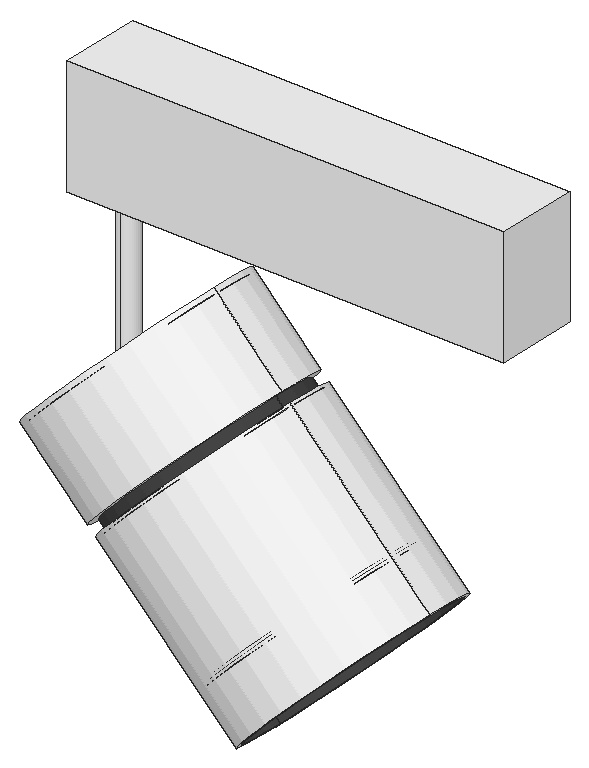
Revit family "Lighting-Track-Reggiani-Yori_95mm-22W", category Apparecchi per illuminazione, Revit 2015
Parameters (values of type "Reggiani Yori TD95 white 22 w")
  youtube = ""
  control = "Ø. = ON/OFF, D. = DALI, V. = DIMM 1-10V, T"
  Youtube clip = ""
  Weight Net (Kg) = 1.17
  Wattage = 12.8987 W
  Uniclass 2.0 Description = ""
  Uniclass 2.0 Code = ""
  Uniclass 1.4 Description = ""
  Uniclass 1.4 Code = ""
  URL to photometrics = "http://bimobject.com/en/product/downloadobjectfile?id=50cfbd51-a850-4d52-a0fa-8cde6d714954"
  UNSPSC name = "Lighting Fixtures and Accessories"
  UNSPSC Code = "3911"
  Technical description = "http://www.reggiani.net/wp-content/plugins/icon-catalog/icon-catalog-assets/1/3/gen_file_20/yori_track.pdf"
  Region South America = "None"
  Region Oceania = "None"
  Region North America = "AG, AI, AN, AW, BB, BL, BM, BQ, BS, BZ, CA, CR, CU, CW, DM, DO, GD, GL, GP, GT, HN, HT, JM, KN, KY, LC, MF, MQ, MS, MX, NI, PA, PM, PR, SV, SX, TC, TT, US, VC, VG, VI"
  Region Middle East = "None"
  Region Europe = "AD, AL, AT, AX, BA, BE, BG, BY, CH, CS, CY, CZ, DE, DK, EE, ES, FI, FO, FR, GB, GG, GI, GR, HR, HU, IE, IM, IS, IT, JE, LI, LT, LU, LV, MC, MD, ME, MK, MT, NL, NO, PL, PT, RO, RS, RU, SE, SI, SJ, SK, SM, UA, VA, XK"
  Region Asia = "None"
  Region Antarctica = "None"
  Region Africa = "None"
  QR code = "http://bimobject.com/reggiani/product/yori_track_95"
  Product group = "Yori"
  Product family = "Track fixture"
  Product data url = "http://bimobject.com/reggiani/product/yori_track_95"
  Product certification = ""
  Product SKU = "yori_track_95"
  Product Guid = "6c2995b9-41c6-4809-92bb-273245acc23c"
  Nominal width = 95
  Nominal height = 135
  NBS Reference Description = ""
  NBS Reference Code = ""
  Material secondary = "Glass"
  Material main = "Aluminium"
  Manufacturer name = "Reggiani"
  Manufacturer country = "Italy"
  Installation instructions = "http://www.reggiani.net/wp-content/plugins/icon-catalog/icon-catalog-assets/1/3/gen_file_8/yori_track.pdf"
  IFC Classification = "Light Fixture"
  Edition number = 1
  EAN code = ""
  Variazione temperatura colore lampada con luminosità attenuata = <Nessuno>
  Url Photometric = ""
  URL = "http://www.reggiani.net/en/catalog-search/?searchfor=Yori&type=product&lang=en"
  built-in parameter 1150107 = 2700 (stored number, unit not read)
  Rot Photometric [instance] = Rotation  # 45.00°
  Ring = Reggiani Nero
  Produttore = "Reggiani illuminazione spa"
  built-in parameter 1150110 = 1 (stored number, unit not read)
  built-in parameter 1150109 = 1 (stored number, unit not read)
  Design country = "Italy"
  Date of publishing = "2015-10-01"
  COBIe Type Category = ""
  built-in parameter 1114218 = 1 (stored number, unit not read)
  built-in parameter 1150112 = 1 (stored number, unit not read)
  Modello = "Reggiani Yori  TD 95 10w"
  built-in parameter 1150137 = (empty or 0)
  built-in parameter 1150132 = 2
  Lens frame = Reggiani Nero
  Lampada = "Led"
  built-in parameter 1150105 = 16212.1 (stored number, unit not read)
  built-in parameter 1150102 = (empty or 0)
  built-in parameter 1150106 = 162.12 (stored number, unit not read)
  Home Company = "http://www.reggiani.net/en/?lang=en"
  Lumens = 1916 lm
  Color Filter = 16777215
  File diagramma fotometrico = "TD95A_HW_22W_11degrees beam_LED 1916lm_2700K_cri 90.ies"
  built-in parameter 1114217 = 1 (stored number, unit not read)
  built-in parameter 1150139 = (empty or 0)
  built-in parameter 1150104 = 13.8 (stored number, unit not read)
  Docking up = Reggiani Bianco
  Docking = Reggiani Bianco
  built-in parameter 1150115 = 1 (stored number, unit not read)
  built-in parameter 1150114 = 1 (stored number, unit not read)
  built-in parameter 1150113 = 1 (stored number, unit not read)
  Descrizione = "Minimalism and rigour in the service of functionality, Yori is a high performance luminaire with a compact footprint. Two simple bodies combined by a simple joint allow the optical section to be adjusted. Yori is designed for the most innovative LED and metal halide lamps, and is configured for mounting on tracks, inside channels, recessed, onto surfaces and inside grooves in ceilings, thanks to the new versi ..."
  Data Sheet = "http://www.reggiani.net/wp-content/plugins/icon-catalog/icon-catalog-assets/1/3/gen_file_20/yori_track.pdf"
  built-in parameter 1150134 = (empty or 0)
  built-in parameter 1150138 = (empty or 0)
  Box internal = Reggiani Nero
  Box closed = Reggiani Bianco
  Rotation [instance] = 45.00°
  Lens = Lente Yori polic trasparente
  Angolo inclinazione = 90.00°
  BIMobject category = "Lighting"
  built-in parameter 1150133 = 10 (stored number, unit not read)
Types (3, lengths in mm): name | UNSPSC name | Rot Photometric | Docking up | Docking | Box closed | Rotation
  (no name) | "Lighting Fixtures and Accessories" | 45.00° | Reggiani Bianco | Reggiani Bianco | Reggiani Bianco | 45.00°
  Reggiani Yori TD95 white 22 w | "Lighting Fixtures and Accessories" | 45.00° | Reggiani Bianco | Reggiani Bianco | Reggiani Bianco | 45.00°
  Reggiani Yori TD95 Black  22w | "" | 50.00° | Reggiani Nero | Reggiani Nero | Reggiani Nero | 50.00°
Reference planes
  plane 1 "Asse sorgente illuminazione (F/B)": y = 0
  plane 2: z = 0
  plane 3 "Asse sorgente illuminazione (L/R)": x = 0
  plane 4 "Prospetto sorgente di illuminazione": z = 1370.201
Forms (mm)
  Revolve 1, solid, material "Reggiani Bianco" <- "Box closed"
    sketch origin (-60.304, 0, 1393.947) x (0.707107, 0, -0.707107) y (0.707107, 0, 0.707107)
      loop
        line (30, -45.5) -> (30, -47.5) -> (72.098, -47.5) -> (72.098, -43.5) -> (71, -43.5) -> (71, -45.5) -> (30, -45.5)
      loop
        line (76.948, -43.5) -> (76.948, -47.5) -> (163.3, -47.5) -> (163.3, -45.5) -> (78, -45.5) -> (78, -43.5) -> (76.948, -43.5)
      axis (30, 0) -> (163.3, 0)
    angle from 0 to 360
  Revolve 2, solid, material "Lente Yori polic trasparente" <- "Lens"
    sketch origin (-25.316, 0, 1358.958) x (0.707107, 0, -0.707107) y (0.707107, 0, 0.707107)
      loop
        line (88.934, 0) -> (88.934, -44.575) -> (90, -44.575) -> (90, 0) -> (88.934, 0)
      axis (88.934, 0) -> (90, 0)
    angle from 0 to 360
  Revolve 3, solid, material "Reggiani Bianco" <- "Box closed"
    sketch origin (-39.091, 0, 1372.734) x (0.707107, 0, -0.707107) y (0.707107, 0, 0.707107)
      loop
        line (0, 0) -> (0, -45.519) -> (1.932, -45.519) -> (1.932, 0) -> (0, 0)
      axis (1.932, 0) -> (0, 0)
    angle from 0 to 360
  Revolve 4, solid, material "Reggiani Nero" <- "Box internal"
    sketch origin (-39.091, 0, 1372.734) x (0.707107, 0, -0.707107) y (0.707107, 0, 0.707107)
      loop
        line (48, -44.654) -> (48, -45.53) -> (133.3, -45.53) -> (133.3, -44.654) -> (48, -44.654)
      axis (48, 0) -> (133.3, 0)
    angle from 0 to 360
  Revolve 5, solid, material "Reggiani Nero" <- "Lens frame"
    sketch origin (-5.722, 0, 1339.364) x (0.707107, 0, -0.707107) y (0.707107, 0, 0.707107)
      loop
        line (62.29, -44.662) -> (63.29, -44.662) -> (63.29, -36.382) -> (62.29, -36.382) -> (62.29, -44.662)
      axis (62.29, 0) -> (63.29, 0)
    angle from 0 to 360
  Revolve 6, solid, material "Reggiani Nero" <- "Ring"
    sketch origin (-39.091, 0, 1372.734) x (0.707107, 0, -0.707107) y (0.707107, 0, 0.707107)
      loop
        line (46.948, -40.997) -> (42.098, -40.997) -> (42.098, -43.502) -> (46.948, -43.502) -> (46.948, -40.997)
      axis (42.098, 0) -> (46.948, 0)
    angle from 0 to 360
  Extrusion 7, solid, material "Reggiani Bianco" <- "Docking up"
    sketch origin (-26.586, -0.185, 38.768) x (1, 0.000993, 0) y (0, 0, 1)
      loop
        line (-28.761, 1395.301) -> (161.239, 1395.301) -> (161.239, 1446.301) -> (-28.761, 1446.301) -> (-28.761, 1395.301)
    from -18.587 to 17.488
  Sweep 8, solid, material "Reggiani Bianco" <- "Docking"
    path origin (-42.392, 0, 1405.295) x (0.766044, 0, -0.642788) y (0.642788, 0, 0.766044)
      loop
        line (-18.756, 22.352) -> (25.512, -30.404) -> (42.647, -16.026)
    profile origin (-42.392, 0, 1400.04) x (0, -1, 0) y (1, 0, 0)
      loop
        circle (0, 0) r 4.5
      loop
        circle (0, 0) r 1.5
Lines and regions (mm)
  reference lines
    curve 1: line (0, 0, 1370.201) -> (537.401, 0, 832.799)
Dimensions and locks
  "Rotation": angle curve 1 to plane 4 "Prospetto sorgente di illuminazione"
  "Rot Photometric": angle imposter light to plane 4 "Prospetto sorgente di illuminazione"
  aligned and locked: plane 2 to level
Automatic sketch dimensions
  curve 1 to Revolve 2 sketch curve = 25.851 mm  (x2)
  curve 1 to Revolve 2 sketch curve = 70.426 mm
  curve 1 to Revolve 2 sketch curve = 78.982 mm
  Revolve 2 sketch curve to Revolve 2 sketch curve = 1.066 mm
  Revolve 2 sketch curve to Revolve 2 sketch curve = 38.513 mm
  Revolve 2 sketch curve to Revolve 2 sketch curve = 16.706 mm
  curve 1 to Revolve 3 sketch curve = 25.851 mm  (x2)
  Revolve 3 sketch curve to curve 1 = 29.433 mm
  Revolve 3 sketch curve to curve 1 = 71.37 mm
  Revolve 3 sketch curve to Revolve 3 sketch curve = 1.932 mm
  Revolve 3 sketch curve to Revolve 3 sketch curve = 5.07 mm
  Revolve 3 sketch curve to Revolve 3 sketch curve = 10 mm
  curve 1 to Revolve 4 sketch curve = 18.567 mm
  curve 1 to Revolve 4 sketch curve = 71.38 mm
  curve 1 to Revolve 4 sketch curve = 25.851 mm
  Revolve 4 sketch curve to Revolve 4 sketch curve = 85.3 mm
  Revolve 4 sketch curve to Revolve 4 sketch curve = 21 mm
  Revolve 4 sketch curve to Revolve 4 sketch curve = 10 mm
  Revolve 4 sketch curve to Revolve 4 sketch curve = 0.876 mm
  curve 1 to Revolve 5 sketch curve = 62.233 mm
  curve 1 to Revolve 5 sketch curve = 80.049 mm
  curve 1 to Revolve 5 sketch curve = 70.512 mm
  curve 1 to Revolve 5 sketch curve = 25.851 mm
  Revolve 5 sketch curve to Revolve 5 sketch curve = 1 mm
  Revolve 5 sketch curve to Revolve 5 sketch curve = 5 mm
  Revolve 5 sketch curve to Revolve 5 sketch curve = 10 mm
  Sweep 8 sketch curve to profile plane = 0 mm
  profile plane to Sweep 8 sketch curve = 0 mm
  Sweep 8 sketch curve to Sweep 8 sketch curve = 0 mm  (x2)
  Extrusion 7 sketch curve to plane 4 "Prospetto sorgente di illuminazione" = 114.868 mm
  Extrusion 7 sketch curve to plane 4 "Prospetto sorgente di illuminazione" = 63.868 mm
  Extrusion 7 sketch curve to Extrusion 7 sketch curve = 190 mm
  plane 4 "Prospetto sorgente di illuminazione" to Sweep 8 sketch curve = 4.595 mm
  Sweep 8 sketch curve to plane 3 "Asse sorgente illuminazione (L/R)" = 42.392 mm
  Sweep 8 sketch curve to Sweep 8 sketch curve = 44.268 mm
  Sweep 8 sketch curve to Sweep 8 sketch curve = 17.135 mm
  Sweep 8 sketch curve to Sweep 8 sketch curve = 14.378 mm
  Revolve 1 sketch curve to curve 1 = 29.433 mm  (x2)
  Revolve 1 sketch curve to curve 1 = 73.351 mm
  Revolve 1 sketch curve to curve 1 = 71.351 mm
  Revolve 1 sketch curve to curve 1 = 25.851 mm
  curve 1 to Revolve 1 sketch curve = 11.567 mm
  Revolve 1 sketch curve to Revolve 1 sketch curve = 1.098 mm
  Revolve 1 sketch curve to Revolve 1 sketch curve = 4.85 mm
  Revolve 1 sketch curve to Revolve 1 sketch curve = 1.052 mm
  Revolve 1 sketch curve to Revolve 1 sketch curve = 85.3 mm
  Revolve 1 sketch curve to Revolve 1 sketch curve = 42 mm
  Revolve 1 sketch curve to Revolve 1 sketch curve = 0 mm
  Revolve 1 sketch curve to Revolve 1 sketch curve = 2 mm  (x3)
  curve 1 to Revolve 6 sketch curve = 12.665 mm
  Revolve 6 sketch curve to curve 1 = 69.353 mm
  Revolve 6 sketch curve to Revolve 6 sketch curve = 4.85 mm
  curve 1 to Revolve 6 sketch curve = 6.703 mm
  Revolve 6 sketch curve to Revolve 6 sketch curve = 6.617 mm
  Revolve 6 sketch curve to Revolve 6 sketch curve = 2.505 mm
  curve 1 to Revolve 6 sketch curve = 25.851 mm
  curve 1 to plane 3 "Asse sorgente illuminazione (L/R)" = 0 mm
  curve 1 to plane 4 "Prospetto sorgente di illuminazione" = 0 mm
  radius of Sweep 8 sketch curve = 4.5 mm
  radius of Sweep 8 sketch curve = 1.5 mm
